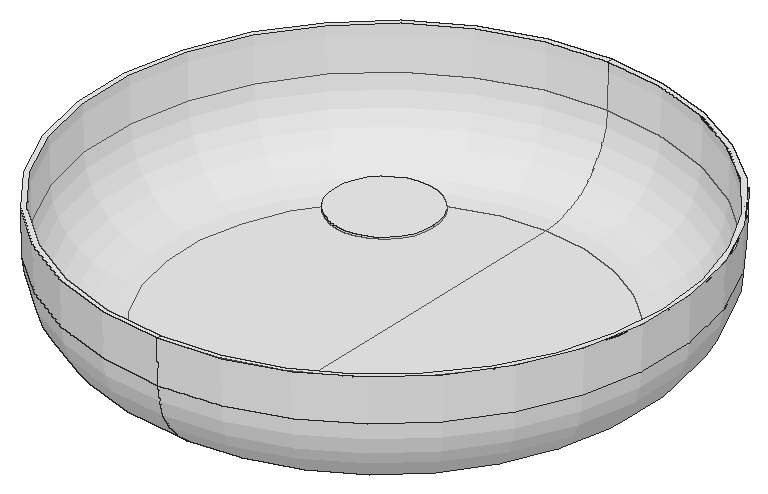
Revit family "Lighting_Fixture-Ceiling-Astro-Mantova", category Lighting Fixtures, host Face, Revit 2014
Parameters (values of type "7274 Mantova")
  Width = 350.00 mm
  Weight = "2.37kg"
  Wattage Comments = "17.7w"
  Wattage = 14.1707 W
  built-in parameter 1150110 = 1 (stored number, unit not read)
  Voltage = 230 V
  URL = "www.astrolighting.co.uk"
  Type Comments = "-Includes integral LED driver, -For ceiling use only"
  built-in parameter 1114217 = 1 (stored number, unit not read)
  Tilt Angle = -90.00°
  built-in parameter 1150109 = 1 (stored number, unit not read)
  built-in parameter 1150134 = (empty or 0)
  built-in parameter 1150113 = 1 (stored number, unit not read)
  Suitable for bathroom zone = "Zone 2, 3"
  Product Documentation = "http://www.astrolighting.co.uk/products/kw/Mantova/7274_Mantova"
  Photometric Web File = "Astro P4558 PV Mantova  261114.IES"
  Number of Poles = 1
  Mountable on normally flammable surfaces = "Yes"
  Model = "7274 Mantova"
  Manufacturer = "Astro Lighting Ltd, CM20 2DP"
  built-in parameter 1150105 = 92.469 (stored number, unit not read)
  Lumens = 1162 lm
  Luminaire Lamp Efficiency Rating = "A++"
  built-in parameter 1150115 = 1 (stored number, unit not read)
  Light Source Elevation = 30.00 mm
  built-in parameter 1150137 = (empty or 0)
  built-in parameter 1150139 = (empty or 0)
  Length = 350.00 mm
  built-in parameter 1150112 = 1 (stored number, unit not read)
  built-in parameter 1150114 = 1 (stored number, unit not read)
  Lamp included = "Yes"
  Lamp = "LED"
  built-in parameter 1150132 = 2
  built-in parameter 1150102 = (empty or 0)
  built-in parameter 1150107 = 3000 (stored number, unit not read)
  built-in parameter 1150138 = (empty or 0)
  built-in parameter 1150106 = 0.92469 (stored number, unit not read)
  IP Rating = "IP44"
  Height = 81.00 mm
  Energy Efficiency Rating = "A++"
  built-in parameter 1150104 = 7.618 (stored number, unit not read)
  Dimming Lamp Color Temperature Shift = <None>
  Dimmable = "No"
  Description = "Ceiling light"
  Default Elevation = 1219.20 mm
  Color Filter = 16777215
  Class = 2
  Casing Material = Astro - Steel - White
  built-in parameter 1114218 = 1 (stored number, unit not read)
  built-in parameter 1150133 = 10 (stored number, unit not read)
  Manufacturer Contact = "01279 427001"
  Assembly Code = "D5020200"
  Apparent Load = 18.16 VA
Reference planes
  plane 1 "Center (Front/Back)": y = 0
  plane 2: z = 0
  plane 3 "Center (Left/Right)": x = 0
  plane 4 "Light Source Elevation": z = 30
  plane 5 "Left": x = -175
  plane 6 "Right": x = 175
  plane 7 "Front": y = 175
  plane 8 "Back": y = -175
  plane 9 "Bottom": z = 81
  plane 10: z = 75.5
Forms (mm)
  Extrusion 1, solid, material "Astro - Steel - White" <- "Casing Material"
    sketch origin (0, 0, 0) x (1, 0, 0) y (0, 1, 0)
      loop
        circle (0, 0) r 117.5
    from 0 to 6
  Revolve 2, solid, material "Astro - Steel - White" <- "Casing Material"
    sketch origin (0, 0, 0) x (0, 1, 0) y (0, 0, 1)
      loop
        arc (124, 6) -> (158.874, 20.142) -> (174.049, 54.579) r 50.071
        line (174.049, 54.579) -> (175, 81) -> (171.999, 81) -> (171.229, 54.63)
        arc (171.229, 54.63) -> (156.995, 22.285) -> (124.249, 9) r 47
        line (124.249, 9) -> (0, 9) -> (0, 6) -> (124, 6)
      axis (0, 81) -> (0, 6)
    angle from 0 to 360
  Extrusion 3, solid, material "Astro - Polycarbonate - White"
    sketch origin (-190.706, -4572, 75.5) x (-1, 0, 0) y (0, -1, 0)
      loop
        circle (-190.706, -4572) r 173.5
    from -2 to 0
  Extrusion 4, solid, material "Astro - Steel - White" <- "Casing Material"
    sketch origin (-190.706, -4572, 75.5) x (-1, 0, 0) y (0, -1, 0)
      loop
        circle (-190.706, -4572) r 30
    from 0 to 1
Dimensions and locks
  "Light Source Elevation": plane 4 "Light Source Elevation" to plane 2
  equal spacing: plane 5 "Left", plane 3 "Center (Left/Right)", plane 6 "Right"
  "Length": plane 5 "Left" to plane 6 "Right"
  equal spacing: plane 7 "Front", plane 1 "Center (Front/Back)", plane 8 "Back"
  "Width": plane 7 "Front" to plane 8 "Back"
  "Height": plane 9 "Bottom" to plane 2
  locked: Revolve 2 sketch curve to plane 9 "Bottom" at 75
  locked: Revolve 2 sketch curve to Revolve 2 sketch curve at 124
  locked: plane 9 "Bottom" to plane 10 at 5.5
  aligned and locked: plane 2 to host face
  aligned and locked: level to host face
  aligned and locked: plane 3 "Center (Left/Right)" to imposter light
  aligned and locked: plane 4 "Light Source Elevation" to imposter light
  aligned and locked: plane 3 "Center (Left/Right)" to Extrusion 1 sketch curve
  aligned and locked: plane 1 "Center (Front/Back)" to Extrusion 1 sketch curve
  aligned and locked: plane 1 "Center (Front/Back)" to Revolve 2 sketch curve  (x2)
  aligned and locked: plane 9 "Bottom" to Revolve 2 sketch curve
  aligned and locked: imposter light to Revolve 2 sketch curve
  aligned and locked: plane 3 "Center (Left/Right)" to Extrusion 4 sketch curve
  aligned and locked: plane 1 "Center (Front/Back)" to Extrusion 4 sketch curve
Automatic sketch dimensions
  host sketch curve to host sketch curve = 538.642 mm
  host sketch curve to host sketch curve = 525.821 mm
  Revolve 2 sketch curve to plane 7 "Front" = 0.00 mm
  Revolve 2 sketch curve to Revolve 2 sketch curve = 0.249 mm
  Revolve 2 sketch curve to plane 7 "Front" = 3.771 mm
  Revolve 2 sketch curve to Revolve 2 sketch curve = 3.001 mm
  Revolve 2 sketch curve to plane 7 "Front" = 0.951 mm
  Revolve 2 sketch curve to Revolve 2 sketch curve = 3.00 mm
  plane 4 "Light Source Elevation" to Revolve 2 sketch curve = 24.579 mm
  Revolve 2 sketch curve to Revolve 2 sketch curve = 0.05 mm
  Revolve 2 sketch curve to level = 36.525 mm
  plane 9 "Bottom" to Revolve 2 sketch curve = 20.00 mm
  plane 1 "Center (Front/Back)" to Extrusion 3 sketch curve = 0.00 mm
  Extrusion 3 sketch curve to plane 3 "Center (Left/Right)" = 0.00 mm
  radius of Extrusion 1 sketch curve = 117.50 mm
  radius of Extrusion 3 sketch curve = 173.50 mm
  radius of Extrusion 4 sketch curve = 30.00 mm
Connectors
  electrical at (0, 0, 0), driven by "Number of Poles", driven by "Voltage", driven by "Apparent Load"
    settings: on Extrusion 1, index 1, voltage 230 V, apparent load 0 VA, apparent load phase1 18.16 VA, apparent load phase2 0 VA, apparent load phase3 0 VA, power factor 1, load classification "Other", number of poles 1, system type 31, power factor state 1, is connector primary yes, connector utility no, sub classification motor no, connector description ""
